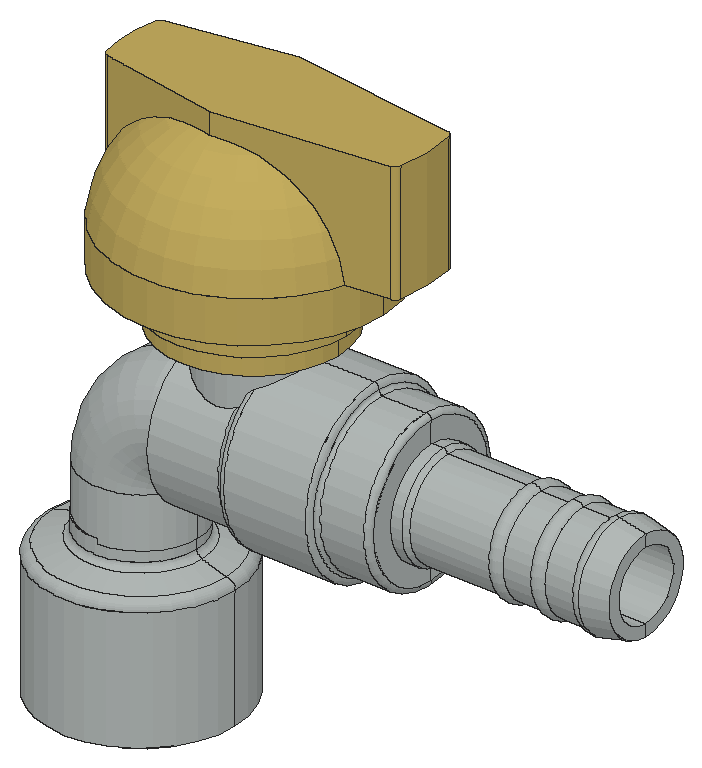
Revit family "QP21320000", category Apparecchi idraulici, Revit 2020
Family settings
  Quota connettore circolare = Usa diametro
  Tipo di parte = Normale
  Numero OmniClass = 23.45.00.00
  Titolo OmniClass = Sanitary, Laundry, and Cleaning Equipment
  Basato su piano di lavoro = No
  Sempre verticale = Sì
  Taglio con vuoti quando caricato = No
  Condiviso = No
  Punto di calcolo locali = No
Parameters
  URL = "https://web.cimberio.com/index.php/figura/120?subcategoria_id="
  Temperatura di esercizio = "-20 ÷ 60°C"
  Prospetto di default = 0 mm
  Produttore = "CIMBERIO SPA"
  Pressione nominale = "MOP 5"
  Modello = "Cim 152PG"
  Materiale = "Prodotto in lega di ottone conforme alla norma EN 12165-CW617N-DW"
  Descrizione = "Utilizzato nell’impiantistica distributiva di gas a bassa pressione per le categorie:\r\nGas naturali: gas derivati dal petrolio (Metano) e gas di ricambio.\r\nGas di città: prodotti secondo i diversi procedimenti (Cracking - Cokerie - ecc.).\r\nGas liquidi: propano e miscele di gas propano/butano"
  DN Model [instance] = QP21323110 : QP21323110
  DN [instance] = 15 mm
  Commenti sul tipo = "Realizzato in ottemperanza ai requisiti gestionali della norma EN ISO 9001.\r\nCollaudato al 100% secondo la normativa EN 12266-1"
Reference planes
  plane 1 "Centro (Fronte/Retro)": y = 0
  plane 2: z = 0
  plane 3 "Centro (Sinistra/Destra)": x = 0
Dimensions and locks
  aligned and locked: level to plane 2
Nested families
  nested 1: "QP21323110" at (0, 0, 0), type <- "DN Model", type "QP21323110"
  nested 2: "QP21323110" at (0, 0, 0), type <- "DN Model", type "QP21323110"
  nested 3: "QP21323110" at (0, 0, 0), type <- "DN Model", type "QP21323110"
  nested 4: "QP21323110" at (0, 0, 0), type <- "DN Model", type "QP21323110"
Connectors
  piping at (56.085, 0, 0), diameter 15, driven by "DN"
    settings: on nested 1, index 1, connector inside diameter 609.6 mm, connector length 0 mm, flow factor 0, pipe flow 0.0 L/s, pressure drop 0.0 Pa, fitting loss kfactor 0, connector angle 0.00°, fixture units 0, engagement length 0 mm, angle of deflection 0.00°, flow configuration 0, flow direction 1, fitting loss method 0, system type 22, joint type 0, gender type 0, connector reference index -1, connector utility 0, adjustable connector no, is connector primary yes, connector description ""
Definition of nested family "QP21323110"
  Parameters (values of type "QP21323110")
    URL = ""
    Default Elevation = 0 mm
    Manufacturer = ""
    Model = ""
    Description = ""
    Type Comments = ""
  Reference planes
    plane 1 "Centro (Fronte/Retro)": y = 0
    plane 2: z = 0
    plane 3 "Centro (Sinistra/Destra)": x = 0
  Forms (mm)
    Revolve 1, solid
      sketch origin (0.744, 0, 1.406) x (1, 0, 0) y (0, 0, 1)
        loop
          line (11.362, 12.594) -> (11.362, 15.594) -> (12.523, 15.594) -> (12.523, 20.094) -> (17.823, 20.094) -> (17.823, 26.094)
          arc (17.823, 26.094) -> (14.02, 35.192) -> (5.793, 40.629) r 16.935
          line (5.793, 40.629) -> (-0.977, 40.629) -> (-0.977, 12.594) -> (11.362, 12.594)
        axis (-0.977, 12.594) -> (-0.977, 40.629)
      angle from 0 to 360
    Revolve 2, solid
      sketch origin (0.751, 0, 1.446) x (1, 0, 0) y (0, 0, 1)
        loop
          arc (3.746, 33.15) -> (3.6, 33.504) -> (3.246, 33.65) r 0.5
          line (3.246, 33.65) -> (-0.754, 33.65) -> (-0.754, 31.443) -> (3.746, 31.443) -> (3.746, 33.15)
        axis (-0.754, 33.65) -> (-0.754, 31.443)
      angle from 0 to 360
    Extrusion 3, solid
      sketch origin (1.758, 0, 1.45) x (1, 0, 0) y (0, 1, 0)
        loop
          arc (-19.406, 4.381) -> (-19.943, 0.015) -> (-19.406, -4.35) r 18
          arc (-19.406, -4.35) -> (-19.116, -4.841) -> (-18.605, -5.093) r 0.999
          line (-18.605, -5.093) -> (-1.785, -7.985) -> (21.828, -5.074)
          arc (21.828, -5.074) -> (22.394, -4.806) -> (22.69, -4.253) r 0.999
          arc (22.69, -4.253) -> (23.057, 0.015) -> (22.69, 4.283) r 25
          arc (22.69, 4.283) -> (22.394, 4.836) -> (21.828, 5.105) r 0.999
          line (21.828, 5.105) -> (-1.785, 8.015) -> (-18.605, 5.123)
          arc (-18.605, 5.123) -> (-19.116, 4.871) -> (-19.406, 4.381) r 0.999
      from 26.05 to 43.05
    Revolve 4, solid
      sketch origin (1.758, 0, 0) x (1, 0, 0) y (0, 0, 1)
        loop
          line (-0.754, 4.83) -> (7.416, 4.83) -> (7.416, 16.081) -> (-0.754, 16.081) -> (-0.754, 4.83)
        axis (-0.754, 16.081) -> (-0.754, 4.83)
      angle from 0 to 360
    Revolve 5, solid
      sketch origin (0, 0, 0) x (1, 0, 0) y (0, 0, 1)
        loop
          line (18.3, -11.083) -> (24.521, -11.083)
          arc (24.521, -11.083) -> (25.088, -10.848) -> (25.323, -10.281) r 0.802
          line (25.323, -10.281) -> (25.323, -4.5) -> (-6.523, -4.5) -> (-6.523, -10.983) -> (3.557, -10.983)
          arc (3.557, -10.983) -> (4.268, -11.328) -> (4.711, -11.983) r 1.528
          arc (4.711, -11.983) -> (5.077, -12.349) -> (5.577, -12.483) r 1
          line (5.577, -12.483) -> (17.3, -12.483)
          arc (17.3, -12.483) -> (17.636, -12.081) -> (17.8, -11.583) r 1.391
          arc (17.8, -11.583) -> (17.946, -11.229) -> (18.3, -11.083) r 0.5
        axis (-6.523, 0) -> (25.323, 0)
      angle from 0 to 360
    Revolve 6, solid
      sketch origin (-0.466, 0, 0.625) x (1, 0, 0) y (0, 0, 1)
        loop
          line (-7.767, -18.591) -> (-7.767, -16.475) -> (-15.767, -16.475) -> (-15.767, -39.832) -> (-3.133, -39.832) -> (-2.267, -39.332) -> (-2.267, -21.983)
          arc (-2.267, -21.983) -> (-2.577, -21.07) -> (-3.379, -20.534) r 1.5
          line (-3.379, -20.534) -> (-7.026, -19.557)
          arc (-7.026, -19.557) -> (-7.56, -19.2) -> (-7.767, -18.591) r 1
        axis (-15.767, -39.832) -> (-15.767, -16.475)
      angle from 0 to 360
    Sweep 7, solid
      path origin (0, 0, 0) x (1, 0, 0) y (0, 0, 1)
        loop
          arc (-6.523, 0) -> (-13.208, -2.611) -> (-16, -9.222) r 9.226
          line (-16, -9.222) -> (-16, -16.475)
      profile origin (-16, 0, -12.849) x (0, -1, 0) y (1, 0, 0)
        loop
          circle (0, 0) r 8
        loop
          circle (0, 0) r 4.5
    Revolve 8, solid
      sketch origin (0, 0, 0) x (1, 0, 0) y (0, 0, 1)
        loop
          line (27.085, 7.389) -> (25.085, 7.389) -> (25.085, 4.906) -> (56.085, 4.906) -> (56.085, 6.567) -> (52.345, 7.362)
          arc (52.345, 7.362) -> (51.646, 7.309) -> (51.085, 6.889) r 1.25
          line (51.085, 6.889) -> (47.085, 6.889)
          arc (47.085, 6.889) -> (46.085, 7.389) -> (45.085, 6.889) r 1.25
          line (45.085, 6.889) -> (41.085, 6.889)
          arc (41.085, 6.889) -> (40.085, 7.389) -> (39.085, 6.889) r 1.25
          line (39.085, 6.889) -> (27.702, 6.889) -> (27.085, 7.389)
        axis (56.085, 0) -> (25.085, 0)
      angle from 0 to 360
  Dimensions and locks
    aligned and locked: level to plane 2
